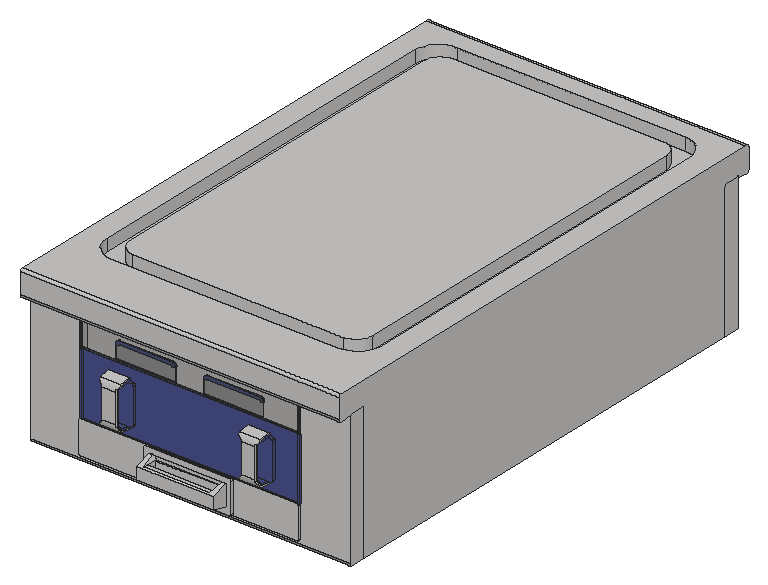
Revit family "QF_ELECTROLUXPROFESSIONAL_588003_MALBAAEOAO", category Specialty Equipment, Revit 2018
Family settings
  Round Connector Dimension = Use Diameter
  Part Type = Normal
  Work Plane-Based = No
  Always vertical = Yes
  Cut with Voids When Loaded = No
  Shared = No
  Room Calculation Point = No
Parameters
  Weight in Pounds = 154.3  # constant formula
  Watts = 6000 VA  # 6000 W
  Volts = 400 V  # constant formula
  URL Cutsheet = ""
  Type Mark [instance] = ""
  Status [instance] = ""
  Specification by User [instance] = ""
  Specification by Manufacturer = ""
  Show Clearance [instance] = yes
  Serial Number = ""
  Seismic Rating = ""
  SMACNA No = ""
  Revision Code [instance] = ""
  Phase = 3  # constant formula
  Omniclass Number and Title = ""
  Number of Poles [instance] = 1
  NAFEM Spec ID Number = ""
  Model = "588003"
  Min Ckt Ampacity = 0 A
  Max Overcurrent Protection = 0 A
  Masterspec = ""
  Manufacturer = "ELECTROLUX"
  Item Number [instance] = ""
  Installed By [instance] = ""
  Identify Quantity as Lot [instance] = yes
  HP = "8 HP"
  Furnished By [instance] = ""
  Foodservice Equipment Identifier [instance] = yes
  FL Amps [instance] = if(Phase = 3, Watts / (Volts * 1.73), Watts / Volts)  # 8.67052 A
  Electrical Remarks = "400 V/3N ph/50/60 Hz"  # constant formula
  Electric Connection Type [instance] = ""
  Elec Conn RI Height [instance] = 0 mm
  Elec Conn Connection Height [instance] = 0 mm
  Direct Waste Size = 0"
  Description = "EL.SOLID TOP,2 ZONES,ECO,1S,500X800X250H"
  Cycle [instance] = if([60 Hertz Option], 60 Hz, 50 Hz)  # 60 Hz
  Conn Plug = ""
  Conn Conduit = yes
  CSI MasterFormat = ""
  CSI Master Format = ""
  Back Panel [instance] = yes
  Apparent Power [instance] = if(Phase = 3, Volts * FL Amps * 1.73, Volts * FL Amps)  # 6000 VA
  60 Hertz Option [instance] = not([50 Hertz Option])  # yes
  50 Hertz Option [instance] = no
Reference planes
  plane 1 "BACK": y = -100
  plane 2: z = 0
  plane 3 "LEFT": x = 0
  plane 4 "RIGHT": x = 500
  plane 5 "FRONT": y = -900
  plane 6 "TOP": z = 250
  plane 7: x = 250
  plane 8: y = -500
  plane 9: z = 582.185
  plane 10: x = 455
  plane 11: y = -1330
Forms (mm)
  Extrusion 1, solid, material "QF_Finishes_Stainless Steel"
    sketch origin (0, -487.128, 0) x (0, 1, 0) y (0, 0, 1)
      loop
        line (383.128, 250) -> (-408.872, 250)
        arc (-408.872, 250) -> (-411.7, 248.828) -> (-412.872, 246) r 4
        line (-412.872, 246) -> (-412.872, 214)
        arc (-412.872, 214) -> (-411.443, 210.936) -> (-408.177, 210.061) r 4
        line (-408.177, 210.061) -> (-391.509, 213) -> (-366.872, 213) -> (-366.872, 0) -> (341.128, 0) -> (341.128, 213) -> (365.765, 213) -> (382.433, 210.061)
        arc (382.433, 210.061) -> (385.699, 210.936) -> (387.128, 214) r 4
        line (387.128, 214) -> (387.128, 246)
        arc (387.128, 246) -> (385.956, 248.828) -> (383.128, 250) r 4
    from 0 to 500
  Extrusion 2, solid, material "QF_Finishes_Stainless Steel", visible <- "Back Panel"
    sketch origin (0, 0, 0) x (0, 1, 0) y (0, 0, 1)
      loop
        line (-146, 0) -> (-120, 0) -> (-120, 215)
        arc (-120, 215) -> (-120.586, 213.586) -> (-122, 213) r 2
        line (-122, 213) -> (-146, 213) -> (-146, 0)
    from 0 to 500
  Extrusion 3, void
    sketch origin (653.786, -55.952, 250) x (1, 0, 0) y (0, -1, 0)
      loop
        arc (-619.186, 115.648) -> (-608.349, 89.485) -> (-582.186, 78.648) r 37
        line (-582.186, 78.648) -> (-225.386, 78.648)
        arc (-225.386, 78.648) -> (-199.223, 89.485) -> (-188.386, 115.648) r 37
        line (-188.386, 115.648) -> (-188.386, 716.572)
        arc (-188.386, 716.572) -> (-199.656, 743.779) -> (-226.863, 755.048) r 38.476
        line (-226.863, 755.048) -> (-582.186, 755.048)
        arc (-582.186, 755.048) -> (-608.349, 744.211) -> (-619.186, 718.048) r 37
        line (-619.186, 718.048) -> (-619.186, 115.648)
    from 0 to 19.1
  Extrusion 4, solid, material "QF_Finishes_Stainless Steel"
    sketch origin (0, -854, 0) x (1, 0, 0) y (0, -1, 0)
      loop
        circle (455, -69) r 6.35
    from 0 to 3.2
  Extrusion 5, solid, material "QF_Finishes_Stainless Steel"
    sketch origin (653.786, 9.048, 230.9) x (1, 0, 0) y (0, 1, 0)
      loop
        arc (-568.386, -169.048) -> (-586.347, -176.488) -> (-593.786, -194.448) r 25.4
        line (-593.786, -194.448) -> (-593.786, -769.248)
        arc (-593.786, -769.248) -> (-586.347, -787.209) -> (-568.386, -794.648) r 25.4
        line (-568.386, -794.648) -> (-239.186, -794.648)
        arc (-239.186, -794.648) -> (-221.226, -787.209) -> (-213.786, -769.248) r 25.4
        line (-213.786, -769.248) -> (-213.786, -194.448)
        arc (-213.786, -194.448) -> (-221.226, -176.488) -> (-239.186, -169.048) r 25.4
        line (-239.186, -169.048) -> (-568.386, -169.048)
    from 0 to 19.1
  Extrusion 6, solid, material "QF_Door-Drawer Clearances", visible <- "Show Clearance", detail levels coarse
    sketch origin (287.31, -881.593, 8.62) x (0, 0, 1) y (-1, 0, 0)
      loop
        line (1.973, -134.295) -> (49.317, -134.295)
        arc (49.317, -134.295) -> (50.776, -133.691) -> (51.38, -132.232) r 2.063
        line (51.38, -132.232) -> (51.38, 206.852)
        arc (51.38, 206.852) -> (50.88, 208.549) -> (49.541, 209.705) r 3.133
        line (49.541, 209.705) -> (3.067, 209.705)
        arc (3.067, 209.705) -> (0.898, 208.807) -> (0, 206.638) r 3.067
        line (0, 206.638) -> (0, -132.322)
        arc (0, -132.322) -> (0.578, -133.717) -> (1.973, -134.295) r 1.973
    from 0 to 448.407
Cuts and joins
  Extrusion 3 cuts Extrusion 1
Lines and regions (mm)
  symbolic lines
    curve 1: line (0, -100, 0) -> (500, -100, 0)
    curve 2: line (0, -900, 0) -> (0, -100, 0)
    curve 3: line (500, -900, 0) -> (0, -900, 0)
    curve 4: line (500, -100, 0) -> (500, -900, 0)
    curve 5: line (124.883, -902.326, 0) -> (124.883, -900, 0)
    curve 6: spline (130.551, -903.73, 0) -> (130.073, -903.657, 0) -> (129.595, -903.575, 0) -> (129.118, -903.486, 0) -> (128.642, -903.389, 0) -> (128.167, -903.283, 0) -> (127.693, -903.17, 0) -> (127.221, -903.049, 0) -> (126.75, -902.92, 0) -> (126.281, -902.783, 0) -> (125.813, -902.638, 0) -> (125.347, -902.486, 0) -> (124.883, -902.326, 0)
    curve 7: line (157.098, -902.326, 0) -> (157.098, -900, 0)
    curve 8: spline (157.098, -902.326, 0) -> (156.634, -902.486, 0) -> (156.168, -902.638, 0) -> (155.7, -902.783, 0) -> (155.231, -902.92, 0) -> (154.76, -903.049, 0) -> (154.287, -903.17, 0) -> (153.814, -903.283, 0) -> (153.339, -903.389, 0) -> (152.863, -903.486, 0) -> (152.386, -903.575, 0) -> (151.908, -903.657, 0) -> (151.429, -903.73, 0)
    curve 9: line (130.551, -903.73, 0) -> (151.429, -903.73, 0)
    curve 10: line (375.117, -902.326, 0) -> (375.117, -900, 0)
    curve 11: spline (369.449, -903.73, 0) -> (369.927, -903.657, 0) -> (370.405, -903.575, 0) -> (370.882, -903.486, 0) -> (371.358, -903.389, 0) -> (371.833, -903.283, 0) -> (372.307, -903.17, 0) -> (372.779, -903.049, 0) -> (373.25, -902.92, 0) -> (373.719, -902.783, 0) -> (374.187, -902.638, 0) -> (374.653, -902.486, 0) -> (375.117, -902.326, 0)
    curve 12: line (342.902, -902.326, 0) -> (342.902, -900, 0)
    curve 13: spline (342.902, -902.326, 0) -> (343.366, -902.486, 0) -> (343.832, -902.638, 0) -> (344.3, -902.783, 0) -> (344.769, -902.92, 0) -> (345.24, -903.049, 0) -> (345.713, -903.17, 0) -> (346.186, -903.283, 0) -> (346.661, -903.389, 0) -> (347.137, -903.486, 0) -> (347.614, -903.575, 0) -> (348.092, -903.657, 0) -> (348.571, -903.73, 0)
    curve 14: line (369.449, -903.73, 0) -> (348.571, -903.73, 0)
    curve 26: line (414.6, -160, 0) -> (85.4, -160, 0)
    curve 27: arc (85.4, -160, 0) -> (67.439, -167.439, 0) -> (60, -185.4, 0) r 25.4
    curve 28: line (60, -185.4, 0) -> (60, -760.2, 0)
    curve 29: arc (60, -760.2, 0) -> (67.439, -778.161, 0) -> (85.4, -785.6, 0) r 25.4
    curve 30: line (85.4, -785.6, 0) -> (414.6, -785.6, 0)
    curve 31: arc (414.6, -785.6, 0) -> (432.561, -778.161, 0) -> (440, -760.2, 0) r 25.4
    curve 32: line (440, -760.2, 0) -> (440, -185.4, 0)
    curve 33: arc (440, -185.4, 0) -> (432.561, -167.439, 0) -> (414.6, -160, 0) r 25.4
    curve 34: line (197.608, -908.767, 0) -> (196.03, -900, 0)
    curve 35: line (197.608, -908.767, 0) -> (300.042, -908.767, 0)
    curve 36: line (300.042, -908.767, 0) -> (301.62, -900, 0)
  symbolic lines, style "QF_Door-Drawer Clearances"
    curve 15: line (77.605, -1330, 0) -> (77.605, -900, 0)
    curve 16: line (77.605, -1330, 0) -> (421.605, -1330, 0)
    curve 17: line (421.605, -1330, 0) -> (421.605, -900, 0)
  symbolic lines, style "SpecialityEquipment"
    curve 18: line (71.6, -134.6, 0) -> (428.4, -134.6, 0)
    curve 19: arc (428.4, -134.6, 0) -> (454.563, -145.437, 0) -> (465.4, -171.6, 0) r 37
    curve 20: line (465.4, -171.6, 0) -> (465.4, -772.524, 0)
    curve 21: arc (465.4, -772.524, 0) -> (454.131, -799.731, 0) -> (426.924, -811, 0) r 38.476
    curve 22: line (426.924, -811, 0) -> (71.6, -811, 0)
    curve 23: arc (71.6, -811, 0) -> (45.437, -800.163, 0) -> (34.6, -774, 0) r 37
    curve 24: line (34.6, -774, 0) -> (34.6, -171.6, 0)
    curve 25: arc (34.6, -171.6, 0) -> (45.437, -145.437, 0) -> (71.6, -134.6, 0) r 37
Dimensions and locks
  plane 3 "LEFT" to plane 4 "RIGHT" = 500 mm
  plane 5 "FRONT" to plane 1 "BACK" = 800 mm
  equal spacing: plane 3 "LEFT", plane 7, plane 4 "RIGHT"
  equal spacing: plane 5 "FRONT", plane 8, plane 1 "BACK"
  plane 6 "TOP" to level = 250 mm  (x2)
  plane 1 "BACK" to plane 5 "FRONT" = 800 mm
  Extrusion 4 sketch curve to plane 1 "BACK" = 685 mm
  Extrusion 4 sketch curve to plane 4 "RIGHT" = 45 mm
  plane 1 "BACK" to Extrusion 4 = 685 mm
  plane 10 to plane 4 "RIGHT" = 45 mm
  aligned and locked: level to plane 2
  aligned and locked: cut or joined group of Extrusion 1, Extrusion 3 to plane 4 "RIGHT"
  aligned and locked: Extrusion 2 to plane 4 "RIGHT"
  aligned and locked: plane 7 to nested 1
Automatic sketch dimensions
  Extrusion 2 sketch curve to Extrusion 2 sketch curve = 26 mm
  plane 1 "BACK" to Extrusion 2 sketch curve = 22 mm
  Extrusion 2 sketch curve to Extrusion 2 sketch curve = 2 mm
  level to Extrusion 2 sketch curve = 213 mm
  Extrusion 1 sketch curve to plane 5 "FRONT" = 0 mm
  Extrusion 1 sketch curve to plane 6 "TOP" = 0 mm
  Extrusion 1 sketch curve to level = 0 mm
  Extrusion 1 sketch curve to plane 1 "BACK" = 0 mm
  Extrusion 1 sketch curve to plane 6 "TOP" = 37 mm  (x2)
  Extrusion 1 sketch curve to plane 5 "FRONT" = 4 mm
  Extrusion 1 sketch curve to plane 5 "FRONT" = 21.363 mm
  Extrusion 1 sketch curve to plane 5 "FRONT" = 46 mm
  plane 1 "BACK" to Extrusion 1 sketch curve = 21.363 mm
  plane 1 "BACK" to Extrusion 1 sketch curve = 4 mm  (x2)
  Extrusion 1 sketch curve to Extrusion 1 sketch curve = 4 mm
  Extrusion 1 sketch curve to Extrusion 1 sketch curve = 0.695 mm
  Extrusion 1 sketch curve to Extrusion 1 sketch curve = 0 mm  (x4)
  plane 1 "BACK" to Extrusion 1 sketch curve = 4.695 mm
  Extrusion 1 sketch curve to Extrusion 1 sketch curve = 1 mm  (x2)
  plane 1 "BACK" to Extrusion 1 sketch curve = 46 mm
  level to Extrusion 6 sketch curve = 8.62 mm
  level to Extrusion 6 sketch curve = 57.937 mm
  plane 4 "RIGHT" to Extrusion 6 sketch curve = 78.395 mm
  Extrusion 6 sketch curve to Extrusion 6 sketch curve = 1.973 mm
  Extrusion 6 sketch curve to Extrusion 6 sketch curve = 3.067 mm
  Extrusion 6 sketch curve to plane 7 = 172.395 mm
  Extrusion 6 sketch curve to Extrusion 6 sketch curve = 46.474 mm
  Extrusion 6 sketch curve to Extrusion 6 sketch curve = 2.063 mm
  Extrusion 6 sketch curve to Extrusion 6 sketch curve = 3.133 mm
  Extrusion 1 to Extrusion 3 sketch curve = 34.6 mm  (x2)
  Extrusion 1 to Extrusion 3 sketch curve = 85 mm
  Extrusion 1 to Extrusion 3 sketch curve = 30.6 mm
  Extrusion 3 sketch curve to Extrusion 3 sketch curve = 37 mm  (x2)
  Extrusion 1 to Extrusion 3 sketch curve = 73.076 mm
  Extrusion 1 to Extrusion 3 sketch curve = 71.6 mm
  Extrusion 5 sketch curve to Extrusion 3 = 25.4 mm  (x3)
  Extrusion 5 sketch curve to Extrusion 5 sketch curve = 25.4 mm  (x2)
  Extrusion 5 sketch curve to Extrusion 3 = 50.8 mm  (x3)
  curve 4 to plane 4 "RIGHT" = 0 mm
  curve 16 to plane 11 = 0 mm
  curve 2 to plane 3 "LEFT" = 0 mm
  plane 1 "BACK" to curve 1 = 0 mm
  plane 5 "FRONT" to curve 36 = 0 mm
  curve 20 to plane 10 = 10.4 mm
  plane 10 to curve 32 = 15 mm
  plane 10 to curve 18 = 26.6 mm
  plane 10 to curve 22 = 28.076 mm
  plane 10 to curve 16 = 33.395 mm
  curve 21 to curve 30 = 12.324 mm
  curve 19 to curve 26 = 13.8 mm
  plane 5 "FRONT" to curve 10 = 2.326 mm
  curve 17 to curve 10 = 46.488 mm
  plane 5 "FRONT" to curve 14 = 3.73 mm
  curve 10 to curve 14 = 5.669 mm
  curve 14 to curve 14 = 20.878 mm
  plane 5 "FRONT" to curve 12 = 2.326 mm
  curve 14 to curve 12 = 5.669 mm
  curve 35 to plane 7 = 52.392 mm
  plane 5 "FRONT" to curve 7 = 2.326 mm
  curve 34 to curve 7 = 40.51 mm
  plane 5 "FRONT" to curve 9 = 3.73 mm
  curve 7 to curve 9 = 5.669 mm
  curve 9 to curve 9 = 20.878 mm
  plane 5 "FRONT" to curve 5 = 2.326 mm
  curve 6 to curve 5 = 5.669 mm
  plane 3 "LEFT" to curve 26 = 85.4 mm
  plane 3 "LEFT" to curve 30 = 85.4 mm
  plane 3 "LEFT" to curve 16 = 77.605 mm
  curve 27 to curve 18 = 13.8 mm
  curve 30 to curve 22 = 13.8 mm
  curve 25 to curve 28 = 11.6 mm
  curve 27 to curve 24 = 25.4 mm
  plane 5 "FRONT" to curve 11 = 4.032 mm
  curve 14 to curve 11 = 4.17 mm
  plane 5 "FRONT" to curve 13 = 4.032 mm
  curve 13 to curve 13 = 4.17 mm
  curve 12 to curve 36 = 41.282 mm
  plane 5 "FRONT" to curve 36 = 8.767 mm
  curve 36 to curve 36 = 1.578 mm
  curve 34 to curve 34 = 1.578 mm
  plane 5 "FRONT" to curve 8 = 4.032 mm
  curve 9 to curve 8 = 4.17 mm
  plane 5 "FRONT" to curve 6 = 4.032 mm
  curve 6 to curve 6 = 4.17 mm
  plane 1 "BACK" to curve 18 = 34.6 mm
  curve 26 to curve 19 = 11.6 mm
  curve 28 to curve 6 = 100.699 mm
  curve 32 to curve 20 = 12.324 mm
  Extrusion 2 sketch curve to level = 0 mm
  radius of Extrusion 4 sketch curve = 6.35 mm
Nested families
  nested 1: "EST_800_500 mm Double Control Front Panel" at (252.376, -854, -650), type "EST_800_500 mm Double Control Front Panel"
Connectors
  electrical at (455, -785, -3.2), driven by "Volts", driven by "Watts"
    settings: on Extrusion 4, index 1, voltage 400 V, apparent load 6000 VA, apparent load phase1 0 VA, apparent load phase2 0 VA, apparent load phase3 0 VA, power factor 1, load classification "Other", number of poles 1, system type 30, power factor state 1, is connector primary yes, connector utility no, sub classification motor no, connector description "ELECTRICAL CONNECTION"
Definition of nested family "EST_800_500 mm Double Control Front Panel"
  Parameters
    Length = 500 mm
  Reference planes
    plane 1 "Center (Front/Back)": y = 0
    plane 2: z = 0
    plane 3 "Center (Left/Right)": x = -2.376
    plane 4: x = -252.376
    plane 5: x = 247.624
  Forms (mm)
    Extrusion 1, solid
      sketch origin (833.217, 829.203, -1.25) x (0, 1, 0) y (0, 0, 1)
        loop
          arc (-854.203, 654.25) -> (-853.324, 652.129) -> (-851.203, 651.25) r 3
          line (-851.203, 651.25) -> (-829.203, 651.25) -> (-829.203, 864.25) -> (-854.203, 864.25) -> (-854.203, 654.25)
      from -1085.593 to -585.593
    Extrusion 2, void
      sketch origin (33.217, 829.203, -1.25) x (1, 0, 0) y (0, 0, 1)
        loop
          line (-207.593, 852.364) -> (-207.593, 710.364) -> (136.407, 710.364) -> (136.407, 852.364) -> (-207.593, 852.364)
      from 843.409 to 854.203
  Cuts and joins
    Extrusion 2 cuts Extrusion 1
  Dimensions and locks
    equal spacing: plane 5, plane 3 "Center (Left/Right)", plane 4
    "Length": plane 5 to plane 4
    locked: nested 2 to plane 4 at 117.396
    locked: plane 5 to nested 1 at 117
    locked: nested 2 to plane 4 at 141.217
    locked: plane 5 to nested 1 at 140.821
    aligned and locked: cut or joined group of Extrusion 1, Extrusion 2 to plane 4
    aligned and locked: plane 5 to cut or joined group of Extrusion 1, Extrusion 2
    aligned and locked: plane 3 "Center (Left/Right)" to nested 3
  Automatic sketch dimensions
    Extrusion 1 sketch curve to plane 1 "Center (Front/Back)" = 0 mm
    plane 1 "Center (Front/Back)" to Extrusion 1 sketch curve = 22 mm
    Extrusion 1 sketch curve to Extrusion 1 sketch curve = 3 mm
    level to Extrusion 1 sketch curve = 650 mm
    Extrusion 1 sketch curve to Extrusion 1 sketch curve = 210 mm
    plane 4 to Extrusion 2 sketch curve = 78 mm
    Extrusion 2 sketch curve to plane 5 = 78 mm
    level to Extrusion 2 sketch curve = 709.114 mm
    Extrusion 2 sketch curve to Extrusion 2 sketch curve = 142 mm
  Nested families
    nested 1: "Range Control Handle" at (106.804, -28.137, -209.113), type "Range Control Handle"
    nested 2: "Range Control Handle" at (-111.159, -28.137, -209.113) x (-1, 0, 0) z (0, 0, 1), type "Range Control Handle"
    nested 3: "glass conrol panel One Right Side" at (-2.376, 278.697, 0), type "glass conrol panel One Right Side"
    nested 4: "grease trap door" at (65.223, -25, 0.608) x (-1, 0, 0) z (0, 0, 1), type "grease trap door"
  Definition of nested family "Range Control Handle"
    Reference planes
      plane 1 "Center (Front/Back)": y = 0
      plane 2: z = 0
      plane 3 "Center (Left/Right)": x = 0
      plane 4: z = 971.092
    Forms (mm)
      Extrusion 1, solid
        sketch origin (-746.28, 380.497, 208.931) x (-1, 0, 0) y (0, 0, 1)
          loop
            line (-770.101, 786.798) -> (-770.101, 731.649)
            arc (-770.101, 731.649) -> (-769.759, 730.563) -> (-768.855, 729.87) r 1.893
            line (-768.855, 729.87) -> (-763.474, 727.911) -> (-729.81, 727.911) -> (-724.428, 729.87)
            arc (-724.428, 729.87) -> (-723.525, 730.563) -> (-723.183, 731.649) r 1.893
            line (-723.183, 731.649) -> (-723.183, 786.798)
            arc (-723.183, 786.798) -> (-723.529, 787.894) -> (-724.44, 788.593) r 1.91
            line (-724.44, 788.593) -> (-729.683, 790.819) -> (-763.601, 790.819) -> (-768.844, 788.593)
            arc (-768.844, 788.593) -> (-769.755, 787.894) -> (-770.101, 786.798) r 1.91
        from -382.35 to -378.852
      Sweep 2, solid
        path origin (-746.788, 380.496, 208.091) x (0, -1, 0) y (0, 0, 1)
          loop
            line (379.775, 793.281) -> (395.661, 791.048)
            arc (395.661, 791.048) -> (397.781, 787.377) -> (398.517, 783.202) r 12.207
            line (398.517, 783.202) -> (398.517, 737.368)
            arc (398.517, 737.368) -> (397.781, 733.193) -> (395.661, 729.522) r 12.207
            line (395.661, 729.522) -> (379.775, 727.289)
        profile origin (-746.788, -7.222, 1000.256) x (0, -0.139173, 0.990268) y (-1, 0, 0)
          loop
            line (0.782, -763.123) -> (0.782, -730.907) -> (-1.322, -730.907) -> (-1.322, -763.123) -> (0.782, -763.123)
      Sweep 3, solid
        path origin (-746.788, 380.715, 207.832) x (0, -1, 0) y (0, 0, 1)
          loop
            line (380.478, 795.442) -> (397.218, 793.09)
            arc (397.218, 793.09) -> (399.929, 788.473) -> (400.871, 783.202) r 15.207
            line (400.871, 783.202) -> (400.871, 737.584)
            arc (400.871, 737.584) -> (399.914, 732.274) -> (397.164, 727.633) r 15.207
            line (397.164, 727.633) -> (380.601, 725.305)
        profile origin (-746.788, -8.132, 1002.099) x (0, -0.139173, 0.990268) y (-1, 0, 0)
          loop
            line (0.782, -763.123) -> (0.782, -730.907) -> (-1.322, -730.907) -> (-1.322, -763.123) -> (0.782, -763.123)
      Extrusion 4, void
        sketch origin (889.253, 220.666, 207.993) x (1, 0, 0) y (0, 0, 1)
          loop
            line (-943.038, 816.854) -> (-943.038, 703.686) -> (-899.466, 734.196) -> (-899.466, 786.344) -> (-943.038, 816.854)
        from 230.636 to 242.25
      Extrusion 5, void
        sketch origin (-888.8, 220.666, 207.993) x (-1, 0, 0) y (0, 0, -1)
          loop
            line (-943.038, -816.854) -> (-899.466, -786.344) -> (-899.466, -734.196) -> (-943.038, -703.686) -> (-943.038, -816.854)
        from 230.636 to 242.25
      Extrusion 6, solid
        sketch origin (0, 0, 0) x (1, 0, 0) y (0, 0, 1)
          loop
            circle (0, 971.092) r 7.736
        from -3.137 to -1.645
    Cuts and joins
      Extrusion 4, Extrusion 5 cuts Sweep 3
      Extrusion 4, Extrusion 5 cuts Sweep 2
      joined: Extrusion 1, Extrusion 6
    Lines and regions (mm)
      symbolic lines
        curve 1: line (23.821, 1.645, 0) -> (-23.097, 1.645, 0)
        curve 2: line (16.334, -1.853, 0) -> (23.821, -1.853, 0)
        curve 3: line (-15.881, -19.189, 0) -> (-15.881, -1.853, 0)
        curve 4: line (-23.097, -1.853, 0) -> (-15.881, -1.853, 0)
        curve 5: line (16.334, -19.189, 0) -> (16.334, -1.853, 0)
        curve 6: spline (-15.881, -19.189, 0) -> (-15.417, -19.349, 0) -> (-14.951, -19.501, 0) -> (-14.483, -19.646, 0) -> (-14.014, -19.783, 0) -> (-13.543, -19.912, 0) -> (-13.071, -20.033, 0) -> (-12.597, -20.146, 0) -> (-12.122, -20.251, 0) -> (-11.646, -20.349, 0) -> (-11.169, -20.438, 0) -> (-10.691, -20.52, 0) -> (-10.213, -20.593, 0)
        curve 7: spline (10.666, -20.593, 0) -> (11.144, -20.52, 0) -> (11.622, -20.438, 0) -> (12.099, -20.349, 0) -> (12.575, -20.251, 0) -> (13.05, -20.146, 0) -> (13.524, -20.033, 0) -> (13.996, -19.912, 0) -> (14.467, -19.783, 0) -> (14.936, -19.646, 0) -> (15.404, -19.501, 0) -> (15.87, -19.349, 0) -> (16.334, -19.189, 0)
        curve 8: line (-10.213, -20.938, 0) -> (10.716, -20.938, 0)
        curve 9: line (-23.097, 1.645, 0) -> (-23.097, -1.853, 0)
        curve 10: line (23.821, 1.645, 0) -> (23.821, -1.853, 0)
  Definition of nested family "glass conrol panel One Right Side"
    Reference planes
      plane 1 "Center (Front/Back)": y = 0
      plane 2: z = 0
      plane 3 "Center (Left/Right)": x = 0
    Forms (mm)
      Extrusion 1, solid
        sketch origin (378.286, 0, 0.617) x (1, 0, 0) y (0, 0, 1)
          loop
            line (-550.286, 806.791) -> (-550.286, 708.497) -> (-206.286, 708.497) -> (-206.286, 806.791) -> (-550.286, 806.791)
        from 300.031 to 304.8
      Extrusion 2, solid
        sketch origin (378.286, 0, 0.617) x (1, 0, 0) y (0, 0, 1)
          loop
            line (-550.286, 850.497) -> (-550.286, 806.791) -> (-206.286, 806.791) -> (-206.286, 850.497) -> (-550.286, 850.497)
        from 300.031 to 304.8
      Extrusion 3, void
        sketch origin (378.286, 0, 0.617) x (1, 0, 0) y (0, 0, 1)
          loop
            line (-547.628, 847.565) -> (-547.628, 710.699) -> (-209.196, 710.699) -> (-209.196, 847.565) -> (-547.628, 847.565)
        from 303.697 to 304.8
      Extrusion 4, solid
        sketch origin (377.536, 1.101, -0.633) x (1, 0, 0) y (0, 0, 1)
          loop
            line (-261.431, 812.62) -> (-261.431, 834.177) -> (-266.24, 834.177) -> (-268.039, 835.977) -> (-348.469, 835.977) -> (-350.269, 834.177) -> (-355.186, 834.177) -> (-355.186, 812.62) -> (-261.431, 812.62)
        from 304.798 to 306.745
      Extrusion 5, solid
        sketch origin (377.536, 1.101, -0.633) x (1, 0, 0) y (0, 0, 1)
          loop
            line (-350.269, 834.177) -> (-348.469, 835.977) -> (-268.039, 835.977) -> (-266.24, 834.177) -> (-261.529, 834.177)
            arc (-261.529, 834.177) -> (-262.706, 838.752) -> (-266.98, 840.763) r 5.549
            line (-266.98, 840.763) -> (-349.686, 840.763)
            arc (-349.686, 840.763) -> (-353.942, 838.747) -> (-355.078, 834.177) r 5.5
            line (-355.078, 834.177) -> (-350.269, 834.177)
        from 304.798 to 306.745
      Extrusion 6, solid
        sketch origin (-377.536, 1.101, -0.633) x (-1, 0, 0) y (0, 0, -1)
          loop
            line (-261.431, -812.62) -> (-355.186, -812.62) -> (-355.186, -834.177) -> (-350.269, -834.177) -> (-348.469, -835.977) -> (-268.039, -835.977) -> (-266.24, -834.177) -> (-261.431, -834.177) -> (-261.431, -812.62)
        from 304.798 to 306.745
      Extrusion 7, solid
        sketch origin (-377.536, 1.101, -0.633) x (-1, 0, 0) y (0, 0, -1)
          loop
            line (-350.269, -834.177) -> (-355.078, -834.177)
            arc (-355.078, -834.177) -> (-353.942, -838.747) -> (-349.686, -840.763) r 5.5
            line (-349.686, -840.763) -> (-266.98, -840.763)
            arc (-266.98, -840.763) -> (-262.706, -838.752) -> (-261.529, -834.177) r 5.549
            line (-261.529, -834.177) -> (-266.24, -834.177) -> (-268.039, -835.977) -> (-348.469, -835.977) -> (-350.269, -834.177)
        from 304.798 to 306.745
    Cuts and joins
      Extrusion 3 cuts Extrusion 1
      Extrusion 3 cuts Extrusion 2
      Extrusion 3 cuts Extrusion 4
      Extrusion 3 cuts Extrusion 5
    Dimensions and locks
      aligned and locked: Extrusion 1 to Extrusion 2
      aligned and locked: Extrusion 5 sketch curve to Extrusion 4  (x4)
      aligned and locked: Extrusion 4 to Extrusion 5 sketch curve
      aligned and locked: Extrusion 5 to Extrusion 4
      aligned and locked: Extrusion 7 sketch curve to Extrusion 6  (x5)
      aligned and locked: Extrusion 7 to Extrusion 6
  Definition of nested family "grease trap door"
    Reference planes
      plane 1 "Center (Front/Back)": y = 0
      plane 2: z = 0
      plane 3 "Center (Left/Right)": x = 0
    Forms (mm)
      Extrusion 1, solid
        sketch origin (1627.55, 854.203, -1.25) x (1, 0, 0) y (0, 0, 1)
          loop
            arc (-1627.55, 661.235) -> (-1626.972, 659.84) -> (-1625.577, 659.262) r 1.973
            line (-1625.577, 659.262) -> (-1494.325, 659.262)
            arc (-1494.325, 659.262) -> (-1492.156, 660.16) -> (-1491.258, 662.329) r 3.067
            line (-1491.258, 662.329) -> (-1491.258, 708.803)
            arc (-1491.258, 708.803) -> (-1492.414, 710.143) -> (-1494.111, 710.642) r 3.133
            line (-1494.111, 710.642) -> (-1625.486, 710.642)
            arc (-1625.486, 710.642) -> (-1626.945, 710.038) -> (-1627.55, 708.579) r 2.063
            line (-1627.55, 708.579) -> (-1627.55, 661.235)
        from 856.795 to 859.203
      Extrusion 2, solid
        sketch origin (445.874, 2476.61, 0) x (0, 1, 0) y (0, 0, 1)
          loop
            line (-2506.377, 675.273) -> (-2481.61, 667.505) -> (-2481.61, 700.995) -> (-2506.377, 693.227) -> (-2506.377, 675.273)
        from -437.68 to -317.68
      Extrusion 3, void
        sketch origin (1627.55, 854.203, -1.25) x (1, 0, 0) y (0, 0, 1)
          loop
            line (-1614.883, 703) -> (-1610.542, 695.433) -> (-1508.17, 695.433) -> (-1503.828, 703) -> (-1614.883, 703)
          loop
            line (-1614.883, 668) -> (-1502.669, 668) -> (-1507.01, 675.567) -> (-1610.542, 675.567) -> (-1614.883, 668)
        from 832.916 to 883.97
      Extrusion 4, void
        sketch origin (447.55, 854.203, -1.25) x (1, 0, 0) y (0, 0, 1)
          loop
            line (-430.542, 695.433) -> (-430.542, 675.567) -> (-328.17, 675.567) -> (-328.17, 695.433) -> (-430.542, 695.433)
        from 859.203 to 874.202
      Extrusion 5, solid
        sketch origin (1627.55, 854.203, -1.25) x (1, 0, 0) y (0, 0, 1)
          loop
            arc (-1731.556, 661.235) -> (-1730.978, 659.84) -> (-1729.583, 659.262) r 1.973
            line (-1729.583, 659.262) -> (-1390.623, 659.262)
            arc (-1390.623, 659.262) -> (-1388.454, 660.16) -> (-1387.556, 662.329) r 3.067
            line (-1387.556, 662.329) -> (-1387.556, 708.803)
            arc (-1387.556, 708.803) -> (-1388.712, 710.143) -> (-1390.409, 710.642) r 3.133
            line (-1390.409, 710.642) -> (-1729.493, 710.642)
            arc (-1729.493, 710.642) -> (-1730.952, 710.038) -> (-1731.556, 708.579) r 2.063
            line (-1731.556, 708.579) -> (-1731.556, 661.235)
        from 854.203 to 856.795
    Cuts and joins
      Extrusion 3 cuts Extrusion 1
      Extrusion 3, Extrusion 4 cuts Extrusion 2
      joined: Extrusion 1, Extrusion 2
    Lines and regions (mm)
      symbolic lines
        curve 1: line (0, -2.593, 0) -> (136.292, -2.593, 0)
        curve 2: line (17.557, -29.767, 0) -> (12.667, -2.593, 0)
        curve 3: line (17.557, -29.767, 0) -> (119.991, -29.767, 0)
        curve 4: line (119.991, -29.767, 0) -> (124.881, -2.593, 0)
        curve 5: line (68.146, -2.593, 0) -> (68.146, -29.767, 0)
      model lines
        curve 6: line (67.599, 0, 658.012) -> (67.599, 0, 709.392)
    Dimensions and locks
      aligned and locked: Extrusion 2 to Extrusion 1
      aligned and locked: Extrusion 3 to Extrusion 2
      aligned and locked: Extrusion 4 to Extrusion 1
